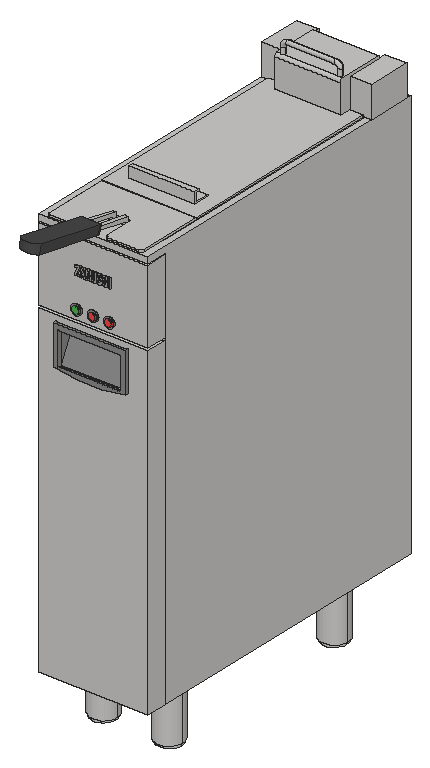
Revit family "QF_ZANUSSI_285005_ZXFREB1BWQ", category Specialty Equipment, Revit 2018
Family settings
  Round Connector Dimension = Use Diameter
  Part Type = Normal
  Work Plane-Based = No
  Always vertical = Yes
  Cut with Voids When Loaded = No
  Shared = No
  Room Calculation Point = No
Parameters
  Weight = 0.00 kg
  Watts = 0 W
  Volts = 415 V
  URL Manufacturer = "http://www.zanussiprofessional.com/"
  URL = "http://www.zanussiprofessional.com/"
  Steam Supply Size = 0"
  Steam Supply Minimum Pressure = 0.00 psi
  Steam Supply Maximum Pressure = 0.00 psi
  Steam Pounds per Hour = 0
  Show Logo [instance] = yes
  Show Clearance [instance] = yes
  Refrigeration Suction Line Size = 0"
  Refrigeration Liquid Line Size = 0"
  Refrigerant Compressor Remote = yes
  Phase = 0
  Model = "ZXFREB1BWQ"
  Manufacturer = "Zanussi"
  Length Actual = 200 mm  # constant formula
  Item Number = "285005"
  Hot Water Size = 0"
  Height Actual = 930 mm  # constant formula
  HP = "9.9 HP"
  Gas Size = 0"
  Gas KW = 0
  Gas Input Pressure = 0.0 Btu/h
  Direct Waste Size = 0"
  Description = "9L EL.FRYER-1WELL+1BASK.+OILPUMP-415V"
  Depth Actual = 600 mm  # constant formula
  Cycle = 0 Hz
  Condensate Return Size = 0"
  Compressed Air Volume = 0 GPM
  Compressed Air Size = 0"
  Compressed Air Pressure = 0.00 psi
  Cold Water Size = 0"
  Accessory = yes
Reference planes
  plane 1 "BACK": y = 0
  plane 2: z = 0
  plane 3 "LEFT": x = 0
  plane 4 "RIGHT": x = 200
  plane 5 "FRONT": y = -600
  plane 6 "TOP": z = 907
  plane 7 "Center Y": x = 100
  plane 8 "Center X": y = -300
  plane 9 "TOP A": z = 850
  plane 10: z = 100
  plane 11: y = -124
  plane 12: y = -501
  plane 13: y = -943
  plane 14: x = 160
  plane 15: x = 40
  plane 16: z = 915.999
  plane 17: z = 935
  plane 18: x = 155
  plane 19: y = -781
  plane 20: y = -755
  plane 21: y = 95
  plane 22: z = 700
  plane 23: x = 40
  plane 24: z = 935
Forms (mm)
  Extrusion 1, solid, material "QF_Finishes_Stainless Steel"
    sketch origin (0, 0, 0) x (0, 1, 0) y (0, 0, 1)
      loop
        line (0, 850) -> (-600, 850) -> (-600, 838.077) -> (-560.15, 838.077) -> (-560.15, 100) -> (0, 100) -> (0, 850)
      loop
        line (-600, 695) -> (-600, 100) -> (-561.737, 100) -> (-561.737, 695) -> (-600, 695)
      loop
        line (-561.737, 700) -> (-561.737, 835) -> (-600, 835) -> (-600, 700) -> (-561.737, 700)
    from 0 to 200
  Extrusion 2, void
    sketch origin (0, 0, 850) x (-1, 0, 0) y (0, -1, 0)
      loop
        line (-10.5, 88.124) -> (-10.5, 550.573) -> (-189.691, 550.573) -> (-189.691, 88.124) -> (-10.5, 88.124)
    from 0 to -150
  Extrusion 3, solid, material "QF_Clearances", visible <- "Show Clearance", detail levels coarse
    sketch origin (0, 0, 0) x (1, 0, 0) y (0, 1, 0)
      loop
        line (0, 0) -> (200, 0) -> (200, 95) -> (0, 95) -> (0, 0)
    from 0 to 907
  Extrusion 4, solid, material "QF_Door-Drawer Clearances", visible <- "Show Clearance", detail levels coarse
    sketch origin (0, 0, 850) x (-1, 0, 0) y (0, -1, 0)
      loop
        line (-190.5, 600) -> (-9.5, 600)
        arc (-9.5, 600) -> (-62.514, 727.986) -> (-190.5, 781) r 181
        line (-190.5, 781) -> (-190.5, 600)
    from -750 to -155
  Extrusion 5, solid, material "QF_Finishes_Stainless Steel"
    sketch origin (100, -139.304, 888.806) x (0, 1, 0) y (-1, 0, 0)
      loop
        line (49.304, 100) -> (49.304, 60) -> (129.304, 60) -> (129.304, 100) -> (49.304, 100)
      loop
        line (49.304, -100) -> (129.304, -100) -> (129.304, -60) -> (49.304, -60) -> (49.304, -100)
    from -38.806 to 18.194
  Revolve 6, solid, material "QF_Finishes_Stainless Steel"
    sketch origin (0, -501, 608.09) x (0, 0, 1) y (1, 0, 0)
      loop
        line (-608.09, 40) -> (-608.09, 17.609) -> (-603.09, 17.609) -> (-603.09, 15) -> (-508.09, 15) -> (-508.09, 40) -> (-608.09, 40)
      axis (-608.09, 40) -> (-508.09, 40)
    angle from 0 to 360
  Extrusion 7, solid, material "QF_Finishes_Stainless Steel"
    sketch origin (0, 600, 100) x (-1, 0, 0) y (0, 1, 0)
      loop
        circle (-155, -650) r 6.35
    from 0 to 8
  Revolve 8, solid, material "QF_Finishes_Stainless Steel"
    sketch origin (200, -501, 608.09) x (0, 0, 1) y (1, 0, 0)
      loop
        line (-608.09, -40) -> (-508.09, -40) -> (-508.09, -15) -> (-603.09, -15) -> (-603.09, -17.609) -> (-608.09, -17.609) -> (-608.09, -40)
      axis (-608.09, -40) -> (-508.09, -40)
    angle from 0 to 360
  Revolve 9, solid, material "QF_Finishes_Stainless Steel"
    sketch origin (0, -124, 608.09) x (0, 0, 1) y (-1, 0, 0)
      loop
        line (-608.09, -40) -> (-508.09, -40) -> (-508.09, -15) -> (-603.09, -15) -> (-603.09, -17.609) -> (-608.09, -17.609) -> (-608.09, -40)
      axis (-608.09, -40) -> (-508.09, -40)
    angle from 0 to 360
  Revolve 10, solid, material "QF_Finishes_Stainless Steel"
    sketch origin (200, -124, 608.09) x (0, 0, 1) y (-1, 0, 0)
      loop
        line (-608.09, 40) -> (-608.09, 17.609) -> (-603.09, 17.609) -> (-603.09, 15) -> (-508.09, 15) -> (-508.09, 40) -> (-608.09, 40)
      axis (-608.09, 40) -> (-508.09, 40)
    angle from 0 to 360
  Extrusion 11, void
    sketch origin (0, 0, 0) x (0, 1, 0) y (0, 0, 1)
      loop
        line (-600, 615) -> (-570, 675) -> (-600, 675) -> (-600, 615)
    from 40 to 155
  Extrusion 12, solid, material "QF_Finishes_grey"
    sketch origin (0, -600, 695) x (0, 0, -1) y (1, 0, 0)
      loop
        line (20, 40) -> (80, 40) -> (80, 155) -> (20, 155) -> (20, 40)
      loop
        line (10, 32) -> (82.581, 32)
        arc (82.581, 32) -> (90.011, 97.5) -> (82.581, 163) r 292.45
        line (82.581, 163) -> (10, 163) -> (10, 32)
    from 0 to 5
  Extrusion 13, solid, material "QF_Finishes_Red"
    sketch origin (39.327, -600, 649.266) x (0, 0, 1) y (-1, 0, 0)
      loop
        circle (68.272, -60.648) r 6.35
    from 0 to 3.175
  Extrusion 14, solid, material "QF_Finishes_grey"
    sketch origin (0, -600, 700) x (0, 0, 1) y (-1, 0, 0)
      loop
        circle (17.537, -99.975) r 6.35
      loop
        circle (17.537, -99.975) r 9.35
    from 0 to 1.394
  Extrusion 15, solid, material "QF_Finishes_Red"
    sketch origin (69.327, -600, 649.266) x (0, 0, 1) y (-1, 0, 0)
      loop
        circle (68.272, -60.648) r 6.35
    from 0 to 3.175
  Extrusion 16, solid, material "QF_Finishes_grey"
    sketch origin (30, -600, 700) x (0, 0, 1) y (-1, 0, 0)
      loop
        circle (17.537, -99.975) r 6.35
      loop
        circle (17.537, -99.975) r 9.35
    from 0 to 1.394
  Extrusion 17, solid, material "QF_Finishes_Green"
    sketch origin (9.327, -600, 649.266) x (0, 0, 1) y (-1, 0, 0)
      loop
        circle (68.272, -60.648) r 6.35
    from 0 to 3.175
  Extrusion 18, solid, material "QF_Finishes_grey"
    sketch origin (-30, -600, 700) x (0, 0, 1) y (-1, 0, 0)
      loop
        circle (17.537, -99.975) r 6.35
      loop
        circle (17.537, -99.975) r 9.35
    from 0 to 1.394
  Sweep 19, solid, material "QF_Finishes_Stainless Steel"
    path origin (-1.25, 52.5, 0) x (1, 0, 0) y (0, 0, 1)
      loop
        line (51.187, 910.561) -> (51.187, 921.65)
        arc (51.187, 921.65) -> (53.047, 926.14) -> (57.537, 928) r 6.35
        line (57.537, 928) -> (145.725, 928)
        arc (145.725, 928) -> (149.508, 926.433) -> (151.075, 922.65) r 5.35
        line (151.075, 922.65) -> (151.075, 910.561)
    profile origin (49.937, 52.5, 916.105) x (-1, 0, 0) y (0, -1, 0)
      loop
        circle (2.09, 153.254) r 3.827
  Extrusion 20, solid, material "QF_Finishes_Stainless Steel"
    sketch origin (0, 65, 0) x (0, 1, 0) y (0, 0, 1)
      loop
        line (-88.124, 910.561) -> (-170, 910.561)
        arc (-170, 910.561) -> (-173.536, 909.096) -> (-175, 905.561) r 5
        line (-175, 905.561) -> (-175, 850) -> (-88.124, 850) -> (-88.124, 910.561)
    from 40 to 160
  Extrusion 21, solid, material "QF_Finishes_Mesh"
    sketch origin (178.262, -64.779, 844.25) x (-1, 0, 0) y (0, -1, 0)
      loop
        arc (123.4, 118.481) -> (141.36, 125.92) -> (148.8, 143.881) r 25.4
        line (148.8, 143.881) -> (148.8, 376.11)
        arc (148.8, 376.11) -> (141.36, 394.071) -> (123.4, 401.51) r 25.4
        line (123.4, 401.51) -> (33.125, 401.51)
        arc (33.125, 401.51) -> (15.164, 394.071) -> (7.725, 376.11) r 25.4
        line (7.725, 376.11) -> (7.725, 143.881)
        arc (7.725, 143.881) -> (15.164, 125.92) -> (33.125, 118.481) r 25.4
        line (33.125, 118.481) -> (123.4, 118.481)
      loop
        arc (123.4, 121.656) -> (139.115, 128.165) -> (145.625, 143.881) r 22.225
        line (145.625, 143.881) -> (145.625, 376.11)
        arc (145.625, 376.11) -> (139.115, 391.826) -> (123.4, 398.335) r 22.225
        line (123.4, 398.335) -> (33.125, 398.335)
        arc (33.125, 398.335) -> (17.409, 391.826) -> (10.9, 376.11) r 22.225
        line (10.9, 376.11) -> (10.9, 143.881)
        arc (10.9, 143.881) -> (17.409, 128.165) -> (33.125, 121.656) r 22.225
        line (33.125, 121.656) -> (123.4, 121.656)
    from -109 to -5.315
  Extrusion 22, solid, material "QF_Finishes_Black"
    sketch origin (234.175, -818.725, 918.681) x (0, 0.980628, -0.195878) y (-1, 0, 0)
      loop
        arc (79.035, 152.655) -> (68.808, 134.038) -> (79.035, 115.42) r 22.059
        line (79.035, 115.42) -> (214.834, 115.42)
        arc (214.834, 115.42) -> (217.308, 116.446) -> (218.334, 118.92) r 3.5
        line (218.334, 118.92) -> (218.334, 149.146)
        arc (218.334, 149.146) -> (217.306, 151.628) -> (214.824, 152.655) r 3.509
        line (214.824, 152.655) -> (79.035, 152.655)
    from -15.884 to 0
  Extrusion 23, solid, material "QF_Finishes_Stainless Steel"
    sketch origin (0, 0, 850) x (0, -1, 0) y (1, 0, 0)
      loop
        arc (90, 18.5) -> (91.464, 14.964) -> (95, 13.5) r 5
        line (95, 13.5) -> (472, 13.5) -> (472, 186.691) -> (95, 186.691)
        arc (95, 186.691) -> (91.464, 185.227) -> (90, 181.691) r 5
        line (90, 181.691) -> (90, 165)
        arc (90, 165) -> (91.464, 161.464) -> (95, 160) r 5
        line (95, 160) -> (110, 160) -> (110, 40) -> (95, 40)
        arc (95, 40) -> (91.464, 38.536) -> (90, 35) r 5
        line (90, 35) -> (90, 18.5)
      loop
        line (473, 186.691) -> (473, 13.5) -> (592, 13.5)
        arc (592, 13.5) -> (595.536, 14.964) -> (597, 18.5) r 5
        line (597, 18.5) -> (597, 75.55)
        arc (597, 75.55) -> (595.536, 79.086) -> (592, 80.55) r 5
        line (592, 80.55) -> (543.238, 80.55)
        arc (543.238, 80.55) -> (539.703, 82.014) -> (538.238, 85.55) r 5
        line (538.238, 85.55) -> (538.238, 114.641)
        arc (538.238, 114.641) -> (539.703, 118.177) -> (543.238, 119.641) r 5
        line (543.238, 119.641) -> (592, 119.641)
        arc (592, 119.641) -> (595.536, 121.106) -> (597, 124.641) r 5
        line (597, 124.641) -> (597, 181.691)
        arc (597, 181.691) -> (595.536, 185.227) -> (592, 186.691) r 5
        line (592, 186.691) -> (473, 186.691)
    from 0 to 3
  Extrusion 24, solid, material "QF_Finishes_Stainless Steel"
    sketch origin (166.074, -30.154, 119.93) x (0, 0.984808, 0.173648) y (0, -0.173648, 0.984808)
      loop
        line (-380.327, 769.003) -> (-372.194, 815.127) -> (-436.107, 840.041) -> (-438.413, 834.124) -> (-379.351, 811.102) -> (-387.692, 763.803) -> (-308.907, 749.911) -> (-307.796, 756.214) -> (-380.327, 769.003)
    from -80.476 to -74.619
  Extrusion 25, solid, material "QF_Finishes_Stainless Steel"
    sketch origin (34.2, -30.154, 119.93) x (0, 0.984808, 0.173648) y (0, 0.173648, -0.984808)
      loop
        line (-372.194, -815.127) -> (-380.327, -769.003) -> (-307.796, -756.214) -> (-308.907, -749.911) -> (-387.692, -763.803) -> (-379.351, -811.102) -> (-438.413, -834.124) -> (-436.107, -840.041) -> (-372.194, -815.127)
    from -80.476 to -74.619
  Extrusion 26, solid, material "QF_Finishes_Stainless Steel"
    sketch origin (13.5, -88.124, 850) x (0, -1, 0) y (0, 0, 1)
      loop
        line (354.876, 3) -> (354.876, 23) -> (346.126, 23) -> (346.126, 20) -> (351.876, 20) -> (351.876, 5) -> (324.876, 5) -> (324.876, 3) -> (354.876, 3)
    from -26.5 to -146.5
Cuts and joins
  Extrusion 2, Extrusion 11 cuts Extrusion 1
  Extrusion 11 cuts Extrusion 4
Lines and regions (mm)
  symbolic lines, style "QF_Clearances", visible <- "Show Clearance", detail levels coarse
    curve 1: line (200, 95, 850) -> (0, 95, 850)
  symbolic lines
    curve 2: line (0, -600, 850) -> (0, 0, 850)
    curve 3: line (190.5, -90, 850) -> (190.5, -600, 850)
    curve 4: line (11.548, -90, 850) -> (11.548, -597, 850)
    curve 5: line (11.548, -597, 850) -> (75.55, -597, 850)
    curve 6: line (124.641, -597, 850) -> (188.452, -597, 850)
    curve 7: line (188.452, -597, 850) -> (188.452, -90, 850)
    curve 8: line (200, -90, 850) -> (160, -90, 850)
    curve 9: line (200, -600, 850) -> (0, -600, 850)
    curve 11: line (40, -23.124, 850) -> (40, -110, 850)
    curve 12: line (40, -110, 850) -> (160, -110, 850)
    curve 13: line (160, -110, 850) -> (160, -23.124, 850)
    curve 14: line (40, -23.124, 850) -> (160, -23.124, 850)
    curve 15: line (40, -88.124, 850) -> (160, -88.124, 850)
    curve 16: line (40, -90, 850) -> (0, -90, 850)
    curve 18: line (47.824, -96.927, 850) -> (151.941, -96.927, 850)
    curve 19: line (151.941, -104.585, 850) -> (47.824, -104.585, 850)
    curve 20: arc (151.941, -96.927, 850) -> (155.77, -100.756, 850) -> (151.941, -104.585, 850) r 3.829
    curve 21: arc (47.824, -96.927, 850) -> (43.995, -100.756, 850) -> (47.824, -104.585, 850) r 3.829
    curve 22: line (40, -23.124, 0) -> (40, -10, 0)
    curve 23: line (40, -10, 0) -> (0, -10, 0)
    curve 24: line (0, -10, 0) -> (0, -90, 0)
    curve 25: line (160, -23.124, 0) -> (160, -10, 0)
    curve 26: line (160, -10, 0) -> (200, -10, 0)
    curve 27: line (200, 0, 0) -> (200, -600, 0)
    curve 28: arc (119.641, -592, 0) -> (121.106, -595.536, 0) -> (124.641, -597, 0) r 5
    curve 29: line (119.641, -543.238, 0) -> (119.641, -592, 0)
    curve 30: arc (114.641, -538.238, 0) -> (118.177, -539.703, 0) -> (119.641, -543.238, 0) r 5
    curve 31: line (85.55, -538.238, 0) -> (114.641, -538.238, 0)
    curve 32: arc (80.55, -543.238, 0) -> (82.014, -539.703, 0) -> (85.55, -538.238, 0) r 5
    curve 33: line (80.55, -592, 0) -> (80.55, -543.238, 0)
    curve 34: arc (75.55, -597, 0) -> (79.086, -595.536, 0) -> (80.55, -592, 0) r 5
    curve 35: line (81.52, -608.062, 0) -> (81.52, -744.332, 0)
    curve 36: spline (85.029, -604.621, 0) -> (84.571, -604.65, 0) -> (84.121, -604.738, 0) -> (83.686, -604.883, 0) -> (83.274, -605.082, 0) -> (82.893, -605.332, 0) -> (82.547, -605.628, 0) -> (82.245, -605.967, 0) -> (81.99, -606.341, 0) -> (81.787, -606.745, 0) -> (81.639, -607.171, 0) -> (81.55, -607.613, 0) -> (81.52, -608.062, 0)
    curve 37: line (115.255, -604.621, 0) -> (85.029, -604.621, 0)
    curve 38: spline (118.755, -608.053, 0) -> (118.725, -607.605, 0) -> (118.635, -607.164, 0) -> (118.488, -606.739, 0) -> (118.286, -606.337, 0) -> (118.031, -605.963, 0) -> (117.729, -605.626, 0) -> (117.385, -605.33, 0) -> (117.005, -605.08, 0) -> (116.594, -604.882, 0) -> (116.16, -604.738, 0) -> (115.711, -604.65, 0) -> (115.255, -604.621, 0)
    curve 39: line (118.755, -744.332, 0) -> (118.755, -608.053, 0)
    curve 40: spline (118.755, -744.332, 0) -> (116.522, -747.213, 0) -> (113.832, -749.688, 0) -> (110.758, -751.689, 0) -> (107.387, -753.16, 0) -> (103.814, -754.059, 0) -> (100.137, -754.361, 0) -> (96.461, -754.059, 0) -> (92.887, -753.16, 0) -> (89.516, -751.689, 0) -> (86.443, -749.688, 0) -> (83.752, -747.213, 0) -> (81.52, -744.332, 0)
    curve 41: line (13.5, -592, 0) -> (13.5, -473, 0)
    curve 42: line (13.5, -473, 0) -> (186.691, -473, 0)
    curve 43: line (186.691, -473, 0) -> (186.691, -592, 0)
    curve 44: arc (181.691, -597, 0) -> (185.227, -595.536, 0) -> (186.691, -592, 0) r 5
    curve 45: arc (13.5, -592, 0) -> (14.964, -595.536, 0) -> (18.5, -597, 0) r 5
    curve 46: line (13.5, -472, 0) -> (186.691, -472, 0)
    curve 47: line (186.691, -472, 0) -> (186.691, -95, 0)
    curve 48: line (13.5, -95, 0) -> (13.5, -472, 0)
    curve 49: arc (40, -95, 0) -> (38.536, -91.464, 0) -> (35, -90, 0) r 5
    curve 50: arc (18.5, -90, 0) -> (14.964, -91.464, 0) -> (13.5, -95, 0) r 5
    curve 51: arc (165, -90, 0) -> (161.464, -91.464, 0) -> (160, -95, 0) r 5
    curve 52: arc (186.691, -95, 0) -> (185.227, -91.464, 0) -> (181.691, -90, 0) r 5
    curve 53: line (63.625, -600, 0) -> (63.625, -603.175, 0)
    curve 54: line (63.625, -603.175, 0) -> (76.325, -603.175, 0)
    curve 55: line (76.325, -603.175, 0) -> (76.325, -600, 0)
    curve 56: line (106.325, -603.175, 0) -> (106.325, -600, 0)
    curve 57: line (106.325, -603.175, 0) -> (93.625, -603.175, 0)
    curve 58: line (91.456, -538.238, 0) -> (91.456, -604.621, 0)
    curve 59: line (108.819, -538.238, 0) -> (108.819, -604.621, 0)
    curve 60: line (114.676, -538.238, 0) -> (114.676, -604.621, 0)
    curve 61: line (85.599, -538.238, 0) -> (85.599, -604.621, 0)
    curve 62: line (93.625, -603.175, 0) -> (93.625, -600, 0)
    curve 63: line (136.325, -603.175, 0) -> (123.625, -603.175, 0)
    curve 64: line (123.625, -603.175, 0) -> (123.625, -600, 0)
    curve 65: line (136.325, -603.175, 0) -> (136.325, -600, 0)
    curve 66: line (45, -413, 0) -> (155, -413, 0)
    curve 67: line (40, -443, 0) -> (40, -418, 0)
    curve 68: line (160, -443, 0) -> (40, -443, 0)
    curve 69: line (160, -418, 0) -> (160, -443, 0)
    curve 70: line (45, -434.25, 0) -> (155, -434.25, 0)
    curve 71: arc (40, -418, 0) -> (41.464, -414.464, 0) -> (45, -413, 0) r 5
    curve 72: arc (155, -413, 0) -> (158.536, -414.464, 0) -> (160, -418, 0) r 5
    curve 73: arc (40, -439.25, 0) -> (41.464, -435.714, 0) -> (45, -434.25, 0) r 5
    curve 74: arc (160, -439.25, 0) -> (158.536, -435.714, 0) -> (155, -434.25, 0) r 5
  symbolic lines, style "QF_Door-Drawer Clearances"
    curve 10: line (190.5, -781, 850) -> (190.5, -600, 850)
    curve 17: arc (9.5, -600, 0) -> (62.514, -727.986, 0) -> (190.5, -781, 0) r 181
Dimensions and locks
  equal spacing: plane 3 "LEFT", plane 7 "Center Y", plane 4 "RIGHT"
  plane 3 "LEFT" to plane 4 "RIGHT" = 200 mm
  equal spacing: plane 5 "FRONT", plane 8 "Center X", plane 1 "BACK"
  plane 5 "FRONT" to plane 1 "BACK" = 600 mm  (x2)
  plane 1 "BACK" to plane 5 "FRONT" = 600 mm
  plane 10 to level = 100 mm  (x2)
  plane 1 "BACK" to plane 11 = 124 mm
  plane 11 to plane 12 = 377 mm
  locked: plane 12 to cut or joined group of Extrusion 1, Extrusion 2, Extrusion 11 at 99
  locked: plane 13 to plane 5 "FRONT" at 343
  plane 4 "RIGHT" to plane 14 = 40 mm
  plane 15 to plane 3 "LEFT" = 40 mm
  plane 16 to plane 9 "TOP A" = 65.999 mm
  plane 9 "TOP A" to plane 17 = 85 mm
  plane 4 "RIGHT" to plane 3 "LEFT" = 200 mm
  plane 9 "TOP A" to plane 10 = 750 mm
  plane 6 "TOP" to level = 907 mm
  Extrusion 7 sketch curve to plane 1 "BACK" = 50 mm
  Extrusion 7 sketch curve to plane 4 "RIGHT" = 45 mm
  plane 10 to Extrusion 7 = 8 mm  (x2)
  plane 18 to plane 4 "RIGHT" = 45 mm
  plane 1 "BACK" to Extrusion 7 = 50 mm
  plane 5 "FRONT" to plane 19 = 181 mm
  plane 5 "FRONT" to plane 20 = 155 mm
  curve 1 to plane 1 "BACK" = 95 mm
  plane 9 "TOP A" to Extrusion 3 = 850 mm
  Revolve 6 sketch curve to Revolve 6 sketch curve = 25 mm
  Revolve 8 sketch curve to Revolve 8 sketch curve = 25 mm
  Revolve 9 sketch curve to Revolve 9 sketch curve = 25 mm
  Revolve 10 sketch curve to Revolve 10 sketch curve = 25 mm
  plane 1 "BACK" to plane 20 = 755 mm
  aligned and locked: level to plane 2
  aligned and locked: plane 4 "RIGHT" to Extrusion 1
  aligned and locked: plane 6 "TOP" to Extrusion 3
  aligned and locked: plane 6 "TOP" to Extrusion 5
  aligned and locked: plane 12 to Revolve 6
  aligned and locked: Extrusion 3 sketch curve to plane 21
  aligned and locked: Extrusion 3 to plane 3 "LEFT"
  aligned and locked: plane 4 "RIGHT" to Extrusion 3
  aligned and locked: Extrusion 2 to Extrusion 1
  aligned and locked: cut or joined group of Extrusion 1, Extrusion 2, Extrusion 11 to Extrusion 4
  aligned and locked: plane 15 to Revolve 6 sketch curve
  aligned and locked: Extrusion 11 sketch curve to plane 5 "FRONT"
  aligned and locked: Extrusion 5 sketch curve to Extrusion 5 sketch curve  (x2)
Automatic sketch dimensions
  Revolve 6 sketch curve to level = 0 mm
  Revolve 6 sketch curve to plane 10 = 0 mm  (x2)
  plane 15 to Revolve 6 sketch curve = 0 mm
  level to Revolve 6 sketch curve = 5 mm
  Revolve 6 sketch curve to Revolve 6 sketch curve = 2.609 mm
  plane 10 to Revolve 6 sketch curve = 20 mm
  Revolve 8 sketch curve to level = 0 mm
  Revolve 8 sketch curve to plane 10 = 0 mm  (x2)
  plane 14 to Revolve 8 sketch curve = 0 mm  (x2)
  level to Revolve 8 sketch curve = 5 mm
  Revolve 8 sketch curve to Revolve 8 sketch curve = 2.609 mm
  plane 10 to Revolve 8 sketch curve = 20 mm
  Revolve 9 sketch curve to level = 0 mm
  Revolve 9 sketch curve to plane 10 = 0 mm  (x2)
  Revolve 9 sketch curve to plane 15 = 0 mm  (x2)
  level to Revolve 9 sketch curve = 5 mm
  Revolve 9 sketch curve to Revolve 9 sketch curve = 2.609 mm
  plane 10 to Revolve 9 sketch curve = 20 mm
  Revolve 10 sketch curve to level = 0 mm
  Revolve 10 sketch curve to plane 10 = 0 mm  (x2)
  Revolve 10 sketch curve to plane 14 = 0 mm  (x2)
  level to Revolve 10 sketch curve = 5 mm
  Revolve 10 sketch curve to Revolve 10 sketch curve = 2.609 mm
  plane 10 to Revolve 10 sketch curve = 20 mm
  plane 9 "TOP A" to Sweep 19 sketch curve = 60.561 mm  (x2)
  plane 16 to Sweep 19 sketch curve = 5.651 mm
  plane 15 to Sweep 19 sketch curve = 9.937 mm
  plane 17 to Sweep 19 sketch curve = 7 mm
  plane 18 to Sweep 19 sketch curve = 10.525 mm
  plane 18 to Sweep 19 sketch curve = 5.175 mm
  Sweep 19 sketch curve to profile plane = 2.09 mm
  profile plane to Sweep 19 sketch curve = 153.254 mm
  Extrusion 22 sketch curve to plane 7 "Center Y" = 18.48 mm
  Extrusion 22 sketch curve to Extrusion 22 sketch curve = 0 mm
  plane 7 "Center Y" to Extrusion 22 sketch curve = 0.137 mm
  Extrusion 22 sketch curve to Extrusion 22 sketch curve = 11.832 mm
  Extrusion 22 sketch curve to plane 7 "Center Y" = 14.971 mm
  Extrusion 22 sketch curve to Extrusion 22 sketch curve = 123.958 mm
  Extrusion 22 sketch curve to Extrusion 22 sketch curve = 3.5 mm
  Extrusion 1 sketch curve to plane 5 "FRONT" = 0 mm  (x3)
  Extrusion 1 sketch curve to plane 22 = 0 mm
  Extrusion 1 sketch curve to plane 10 = 0 mm  (x2)
  Extrusion 1 sketch curve to plane 1 "BACK" = 0 mm
  Extrusion 1 sketch curve to plane 9 "TOP A" = 0 mm
  Extrusion 1 sketch curve to plane 9 "TOP A" = 15 mm
  Extrusion 1 sketch curve to plane 5 "FRONT" = 38.263 mm
  Extrusion 1 sketch curve to Extrusion 1 sketch curve = 0 mm
  Extrusion 1 sketch curve to Extrusion 1 sketch curve = 1.588 mm
  Extrusion 1 sketch curve to plane 22 = 5 mm
  Extrusion 1 sketch curve to Extrusion 1 sketch curve = 3.077 mm
  Extrusion 2 sketch curve to plane 4 "RIGHT" = 10.309 mm
  plane 3 "LEFT" to Extrusion 2 sketch curve = 10.5 mm
  Extrusion 2 sketch curve to plane 11 = 35.876 mm
  Extrusion 2 sketch curve to plane 5 "FRONT" = 49.427 mm
  Extrusion 3 sketch curve to plane 3 "LEFT" = 0 mm
  Extrusion 3 sketch curve to plane 4 "RIGHT" = 0 mm
  plane 1 "BACK" to Extrusion 3 sketch curve = 0 mm
  Extrusion 4 sketch curve to plane 19 = 0 mm
  plane 5 "FRONT" to Extrusion 4 sketch curve = 0 mm
  Extrusion 4 sketch curve to plane 4 "RIGHT" = 9.5 mm
  Extrusion 5 sketch curve to plane 3 "LEFT" = 0 mm
  Extrusion 5 sketch curve to plane 14 = 0 mm
  Extrusion 5 sketch curve to plane 15 = 0 mm
  Extrusion 5 sketch curve to plane 4 "RIGHT" = 0 mm
  Extrusion 5 sketch curve to plane 11 = 34 mm
  plane 1 "BACK" to Extrusion 5 sketch curve = 10 mm
  Extrusion 1 to Extrusion 11 sketch curve = 8.263 mm
  Extrusion 1 to Extrusion 11 sketch curve = 80 mm
  Extrusion 1 to Extrusion 11 sketch curve = 20 mm
  Extrusion 1 to Extrusion 12 sketch curve = 97.5 mm
  Extrusion 12 sketch curve to Extrusion 1 = 202.439 mm
  Extrusion 1 to Extrusion 12 sketch curve = 10 mm
  Extrusion 12 sketch curve to Extrusion 12 sketch curve = 10 mm
  Extrusion 12 sketch curve to Extrusion 12 sketch curve = 60 mm
  Extrusion 12 sketch curve to Extrusion 12 sketch curve = 2.581 mm  (x2)
  Extrusion 1 to Extrusion 12 sketch curve = 40 mm
  Extrusion 12 sketch curve to Extrusion 12 sketch curve = 8 mm  (x2)
  Extrusion 13 sketch curve to plane 7 "Center Y" = 0.025 mm
  plane 22 to Extrusion 13 sketch curve = 17.537 mm
  Extrusion 14 sketch curve to Extrusion 14 sketch curve = 0 mm  (x12)
  Extrusion 1 to Extrusion 14 sketch curve = 17.537 mm
  Extrusion 1 to Extrusion 14 sketch curve = 99.975 mm
  Extrusion 14 sketch curve to Extrusion 14 sketch curve = 6.35 mm
  Extrusion 14 sketch curve to Extrusion 14 sketch curve = 3 mm
  plane 22 to Extrusion 15 sketch curve = 17.537 mm
  plane 18 to Extrusion 15 sketch curve = 25.025 mm
  Extrusion 16 sketch curve to Extrusion 16 sketch curve = 0 mm  (x12)
  Extrusion 1 to Extrusion 16 sketch curve = 17.537 mm
  Extrusion 1 to Extrusion 16 sketch curve = 70.025 mm
  Extrusion 16 sketch curve to Extrusion 16 sketch curve = 6.35 mm
  Extrusion 16 sketch curve to Extrusion 16 sketch curve = 3 mm
  plane 22 to Extrusion 17 sketch curve = 17.537 mm
  plane 15 to Extrusion 17 sketch curve = 29.975 mm
  Extrusion 18 sketch curve to Extrusion 18 sketch curve = 0 mm  (x12)
  Extrusion 1 to Extrusion 18 sketch curve = 17.537 mm
  Extrusion 1 to Extrusion 18 sketch curve = 69.975 mm
  Extrusion 18 sketch curve to Extrusion 18 sketch curve = 6.35 mm
  Extrusion 18 sketch curve to Extrusion 18 sketch curve = 3 mm
  Extrusion 20 sketch curve to plane 9 "TOP A" = 0 mm
  Extrusion 20 sketch curve to plane 6 "TOP" = 1.439 mm
  Extrusion 20 sketch curve to plane 11 = 14 mm
  Extrusion 20 sketch curve to Extrusion 20 sketch curve = 5 mm
  plane 1 "BACK" to Extrusion 20 sketch curve = 23.124 mm
  Extrusion 21 sketch curve to Extrusion 21 sketch curve = 0 mm  (x8)
  plane 14 to Extrusion 21 sketch curve = 10.538 mm
  Extrusion 21 sketch curve to Extrusion 21 sketch curve = 3.175 mm
  plane 18 to Extrusion 21 sketch curve = 9.862 mm  (x2)
  plane 15 to Extrusion 21 sketch curve = 14.862 mm  (x2)
  Extrusion 21 sketch curve to plane 15 = 7.363 mm
  plane 11 to Extrusion 21 sketch curve = 59.26 mm
  Extrusion 21 sketch curve to plane 12 = 60.11 mm
  Extrusion 1 to Extrusion 23 sketch curve = 18.5 mm
  Extrusion 1 to Extrusion 23 sketch curve = 90 mm  (x2)
  Extrusion 1 to Extrusion 23 sketch curve = 18.309 mm  (x2)
  Extrusion 23 sketch curve to Extrusion 23 sketch curve = 5 mm  (x6)
  Extrusion 23 sketch curve to Extrusion 23 sketch curve = 15 mm
  Extrusion 23 sketch curve to Extrusion 1 = 128 mm
  Extrusion 23 sketch curve to Extrusion 23 sketch curve = 1 mm
  Extrusion 23 sketch curve to Extrusion 1 = 61.762 mm
  Extrusion 23 sketch curve to Extrusion 1 = 8 mm  (x4)
  Extrusion 23 sketch curve to Extrusion 1 = 3 mm  (x2)
  Extrusion 1 to Extrusion 23 sketch curve = 13.5 mm
  Extrusion 23 sketch curve to Extrusion 23 sketch curve = 16.5 mm
  Extrusion 23 sketch curve to Extrusion 23 sketch curve = 57.05 mm
  Extrusion 23 sketch curve to Extrusion 23 sketch curve = 29.091 mm
  Extrusion 23 sketch curve to Extrusion 23 sketch curve = 21.691 mm
  plane 9 "TOP A" to Extrusion 24 sketch curve = 15.252 mm
  plane 5 "FRONT" to Extrusion 24 sketch curve = 6.75 mm
  Extrusion 24 sketch curve to Extrusion 24 sketch curve = 2.306 mm
  Extrusion 24 sketch curve to Extrusion 24 sketch curve = 50.721 mm
  Extrusion 24 sketch curve to Extrusion 24 sketch curve = 7.365 mm
  Extrusion 24 sketch curve to Extrusion 24 sketch curve = 0.975 mm
  Extrusion 24 sketch curve to Extrusion 24 sketch curve = 7.158 mm
  Extrusion 24 sketch curve to Extrusion 24 sketch curve = 71.42 mm
  Extrusion 24 sketch curve to Extrusion 24 sketch curve = 1.111 mm
  Extrusion 24 sketch curve to Extrusion 24 sketch curve = 18.997 mm
  plane 9 "TOP A" to Extrusion 25 sketch curve = 15.252 mm
  plane 5 "FRONT" to Extrusion 25 sketch curve = 6.75 mm
  Extrusion 25 sketch curve to Extrusion 25 sketch curve = 2.306 mm
  Extrusion 25 sketch curve to Extrusion 25 sketch curve = 50.721 mm
  Extrusion 25 sketch curve to Extrusion 25 sketch curve = 7.365 mm
  Extrusion 25 sketch curve to Extrusion 25 sketch curve = 0.975 mm
  Extrusion 25 sketch curve to Extrusion 25 sketch curve = 7.158 mm
  Extrusion 25 sketch curve to Extrusion 25 sketch curve = 71.42 mm
  Extrusion 25 sketch curve to Extrusion 25 sketch curve = 1.111 mm
  Extrusion 25 sketch curve to Extrusion 25 sketch curve = 5.916 mm
  Extrusion 23 to Extrusion 26 sketch curve = 0 mm
  Extrusion 26 sketch curve to Extrusion 23 = 59 mm
  Extrusion 26 sketch curve to Extrusion 26 sketch curve = 21.25 mm
  Extrusion 26 sketch curve to Extrusion 23 = 2 mm
  Extrusion 26 sketch curve to Extrusion 26 sketch curve = 5.75 mm
  Extrusion 26 sketch curve to Extrusion 26 sketch curve = 3 mm  (x2)
  Extrusion 26 sketch curve to Extrusion 26 sketch curve = 15 mm
  curve 24 to plane 3 "LEFT" = 0 mm
  plane 5 "FRONT" to curve 17 = 0 mm
  curve 22 to plane 15 = 0 mm
  curve 49 to plane 15 = 0 mm
  curve 73 to plane 15 = 0 mm
  plane 5 "FRONT" to curve 53 = 0 mm
  plane 5 "FRONT" to curve 55 = 0 mm
  plane 5 "FRONT" to curve 62 = 0 mm
  plane 5 "FRONT" to curve 56 = 0 mm
  plane 5 "FRONT" to curve 64 = 0 mm
  plane 5 "FRONT" to curve 65 = 0 mm
  curve 70 to plane 18 = 0 mm
  curve 72 to plane 18 = 0 mm
  curve 69 to plane 14 = 0 mm
  curve 25 to plane 14 = 0 mm
  curve 51 to plane 14 = 0 mm
  curve 17 to plane 19 = 0 mm
  curve 26 to plane 4 "RIGHT" = 0 mm
  plane 5 "FRONT" to curve 27 = 0 mm
  plane 3 "LEFT" to curve 42 = 13.5 mm
  curve 48 to curve 41 = 0 mm
  curve 45 to curve 45 = 5 mm
  curve 50 to curve 50 = 5 mm
  curve 49 to curve 49 = 5 mm
  plane 15 to curve 71 = 5 mm
  plane 15 to curve 70 = 5 mm
  plane 5 "FRONT" to curve 54 = 3.175 mm
  plane 15 to curve 54 = 23.625 mm
  curve 53 to curve 34 = 11.925 mm
  curve 34 to curve 55 = 0.775 mm
  curve 34 to curve 33 = 5 mm
  curve 54 to curve 35 = 5.195 mm
  curve 36 to curve 37 = 3.509 mm
  curve 32 to curve 31 = 5 mm
  plane 5 "FRONT" to curve 62 = 3.175 mm
  curve 62 to plane 7 "Center Y" = 6.375 mm
  plane 7 "Center Y" to curve 57 = 6.325 mm
  plane 7 "Center Y" to curve 30 = 14.641 mm
  curve 56 to curve 37 = 8.93 mm
  curve 38 to curve 39 = 3.5 mm
  curve 30 to curve 29 = 5 mm
  plane 5 "FRONT" to curve 63 = 3.175 mm
  curve 38 to curve 63 = 4.87 mm
  curve 29 to curve 28 = 5 mm
  curve 63 to curve 63 = 12.7 mm
  curve 51 to curve 51 = 5 mm
  curve 51 to curve 52 = 16.691 mm
  curve 44 to plane 5 "FRONT" = 8 mm
  curve 44 to plane 4 "RIGHT" = 18.309 mm
  curve 47 to plane 4 "RIGHT" = 13.309 mm
  curve 44 to curve 43 = 5 mm
  curve 44 to curve 17 = 3.809 mm
  plane 20 to curve 35 = 10.668 mm
  plane 20 to curve 39 = 10.668 mm
  curve 35 to curve 54 = 4.887 mm
  curve 39 to curve 63 = 4.878 mm
  curve 38 to curve 37 = 3.432 mm
  curve 45 to plane 5 "FRONT" = 8 mm
  curve 28 to plane 5 "FRONT" = 8 mm
  curve 33 to plane 5 "FRONT" = 8 mm
  plane 12 to curve 29 = 42.238 mm
  curve 42 to plane 12 = 28 mm
  curve 41 to curve 46 = 1 mm
  curve 46 to curve 67 = 29 mm
  curve 68 to curve 74 = 3.75 mm
  curve 74 to curve 69 = 16.25 mm
  curve 49 to plane 11 = 29 mm
  curve 52 to plane 11 = 29 mm
  curve 50 to curve 49 = 0 mm
  curve 51 to curve 52 = 0 mm
  plane 1 "BACK" to curve 26 = 10 mm
  curve 40 to curve 40 = 3.442 mm
  curve 32 to curve 61 = 0.049 mm
  curve 58 to curve 57 = 2.169 mm
  curve 59 to curve 31 = 5.822 mm
  curve 60 to curve 38 = 0.579 mm
  curve 39 to curve 40 = 11.603 mm
  curve 30 to curve 60 = 0 mm
  curve 48 to curve 24 = 5 mm
  curve 25 to curve 25 = 13.124 mm
  curve 22 to curve 22 = 13.124 mm
  curve 8 to plane 4 "RIGHT" = 0 mm
  curve 9 to plane 4 "RIGHT" = 0 mm
  curve 10 to plane 19 = 0 mm
  plane 5 "FRONT" to curve 3 = 0 mm
  curve 14 to plane 14 = 0 mm
  curve 15 to plane 15 = 0 mm
  plane 5 "FRONT" to curve 9 = 0 mm
  curve 9 to curve 3 = 9.5 mm
  curve 3 to curve 7 = 2.048 mm
  plane 18 to curve 19 = 3.059 mm
  plane 15 to curve 21 = 7.824 mm
  curve 4 to plane 5 "FRONT" = 3 mm
  plane 3 "LEFT" to curve 4 = 11.548 mm
  plane 1 "BACK" to curve 14 = 23.124 mm
  curve 18 to plane 11 = 27.073 mm
  curve 21 to curve 21 = 3.829 mm
  curve 19 to curve 12 = 5.415 mm
  curve 7 to plane 5 "FRONT" = 3 mm
  plane 7 "Center Y" to curve 6 = 24.641 mm
  curve 5 to plane 7 "Center Y" = 24.45 mm
  curve 15 to curve 18 = 8.803 mm
  curve 15 to curve 16 = 1.876 mm
  curve 15 to curve 7 = 1.876 mm
  curve 16 to plane 3 "LEFT" = 0 mm
  curve 1 to plane 3 "LEFT" = 0 mm
  plane 1 "BACK" to curve 27 = 0 mm
  plane 1 "BACK" to curve 24 = 10 mm
  plane 1 "BACK" to curve 2 = 0 mm
  curve 1 to plane 4 "RIGHT" = 0 mm
  radius of Sweep 19 sketch curve = 3.827 mm
  radius of Extrusion 7 sketch curve = 6.35 mm
  radius of Extrusion 13 sketch curve = 6.35 mm
  radius of Extrusion 15 sketch curve = 6.35 mm
  radius of Extrusion 17 sketch curve = 6.35 mm
Nested families
  nested 1: "ZAN_Logo_XS_Grey" at (99.863, -600, 782.479) x (1, 0, 0) z (0, -1, 0), visible <- "Show Logo", type "ZAN_Logo_XS_Grey"
Connectors
  electrical at (155, -50, 92)
    settings: on Extrusion 7, index 1, voltage 400 V, apparent load 16050 VA, apparent load phase1 0 VA, apparent load phase2 0 VA, apparent load phase3 0 VA, power factor 1, load classification "Other", number of poles 1, system type 30, power factor state 1, is connector primary yes, connector utility no, sub classification motor no, connector description "ELECTRICAL CONNECTION"
Definition of nested family "ZAN_Logo_XS_Grey"
  Parameters
    Default Elevation = 0 mm
  Reference planes
    plane 1 "Centro (Fronte/Retro)": y = 0
    plane 2: z = 0
    plane 3 "Centro (Sinistra/Destra)": x = 0
  Forms (mm)
    Extrusion 1, solid
      sketch origin (0, 0, 0) x (1, 0, 0) y (0, 1, 0)
        loop
          line (-1219.2, 1219.2) -> (-1219.2, -1219.2) -> (1219.2, -1219.2) -> (1219.2, 1219.2) -> (-1219.2, 1219.2)
      from 0 to -304.8
    Extrusion 2, solid
      sketch origin (17.793, -46.218, 0) x (-1, 0, 0) y (0, -1, 0)
        loop
          spline (1.911, -54.793) -> (2.402, -54.973) -> (2.91, -55.105) -> (3.43, -55.191) -> (3.955, -55.229) -> (4.482, -55.219) -> (5.006, -55.161) -> (5.521, -55.054) -> (6.022, -54.898) -> (6.506, -54.693) -> (6.966, -54.438) -> (7.398, -54.133) -> (7.797, -53.778)
          spline (7.797, -53.778) -> (8.033, -53.407) -> (8.237, -53.008) -> (8.407, -52.586) -> (8.544, -52.147) -> (8.65, -51.697) -> (8.723, -51.241) -> (8.764, -50.785) -> (8.774, -50.335) -> (8.753, -49.897) -> (8.701, -49.475) -> (8.619, -49.075) -> (8.507, -48.704)
          line (8.507, -48.704) -> (6.883, -46.37) -> (5.158, -44.848) -> (3.027, -42.716)
          spline (3.027, -42.716) -> (3.002, -42.56) -> (2.979, -42.398) -> (2.962, -42.23) -> (2.952, -42.059) -> (2.951, -41.886) -> (2.963, -41.714) -> (2.99, -41.545) -> (3.034, -41.378) -> (3.098, -41.218) -> (3.184, -41.065) -> (3.295, -40.921) -> (3.433, -40.788)
          line (3.433, -40.788) -> (4.752, -40.687)
          spline (4.752, -40.687) -> (4.999, -40.855) -> (5.185, -41.053) -> (5.32, -41.275) -> (5.41, -41.518) -> (5.463, -41.775) -> (5.488, -42.044) -> (5.491, -42.319) -> (5.481, -42.596) -> (5.466, -42.87) -> (5.452, -43.137) -> (5.448, -43.392) -> (5.462, -43.63)
          line (5.462, -43.63) -> (9.014, -43.63)
          spline (9.014, -43.63) -> (9.056, -43.199) -> (9.08, -42.769) -> (9.084, -42.342) -> (9.067, -41.92) -> (9.027, -41.503) -> (8.964, -41.093) -> (8.875, -40.691) -> (8.759, -40.3) -> (8.615, -39.919) -> (8.441, -39.552) -> (8.237, -39.198) -> (7.999, -38.86)
          spline (7.999, -38.86) -> (7.708, -38.596) -> (7.394, -38.361) -> (7.059, -38.155) -> (6.707, -37.977) -> (6.338, -37.828) -> (5.957, -37.706) -> (5.565, -37.612) -> (5.165, -37.545) -> (4.76, -37.504) -> (4.351, -37.491) -> (3.942, -37.503) -> (3.534, -37.541)
          spline (3.534, -37.541) -> (3.104, -37.608) -> (2.677, -37.709) -> (2.258, -37.842) -> (1.85, -38.007) -> (1.459, -38.203) -> (1.086, -38.429) -> (0.737, -38.685) -> (0.415, -38.969) -> (0.123, -39.282) -> (-0.133, -39.622) -> (-0.35, -39.989) -> (-0.525, -40.383)
          spline (-0.525, -40.383) -> (-0.633, -40.866) -> (-0.704, -41.352) -> (-0.738, -41.837) -> (-0.736, -42.318) -> (-0.698, -42.794) -> (-0.627, -43.262) -> (-0.521, -43.719) -> (-0.382, -44.164) -> (-0.211, -44.592) -> (-0.008, -45.003) -> (0.226, -45.394) -> (0.49, -45.761)
          line (0.49, -45.761) -> (4.549, -49.414) -> (5.056, -50.023) -> (5.259, -51.647) -> (4.042, -52.256) -> (3.027, -51.546) -> (2.925, -49.414) -> (-0.424, -49.414) -> (-0.22, -52.865)
          spline (-0.22, -52.865) -> (-0.13, -53.068) -> (-0.013, -53.268) -> (0.127, -53.466) -> (0.287, -53.658) -> (0.464, -53.843) -> (0.655, -54.019) -> (0.856, -54.185) -> (1.065, -54.338) -> (1.278, -54.478) -> (1.492, -54.601) -> (1.704, -54.707) -> (1.911, -54.793)
        loop
          spline (-10.267, -52.966) -> (-9.987, -53.421) -> (-9.658, -53.822) -> (-9.284, -54.17) -> (-8.873, -54.466) -> (-8.429, -54.711) -> (-7.959, -54.907) -> (-7.467, -55.054) -> (-6.96, -55.154) -> (-6.443, -55.207) -> (-5.922, -55.214) -> (-5.402, -55.178) -> (-4.889, -55.098)
          spline (-4.889, -55.098) -> (-4.532, -55.03) -> (-4.176, -54.93) -> (-3.825, -54.799) -> (-3.483, -54.639) -> (-3.156, -54.45) -> (-2.847, -54.235) -> (-2.561, -53.994) -> (-2.303, -53.729) -> (-2.077, -53.442) -> (-1.889, -53.134) -> (-1.742, -52.805) -> (-1.641, -52.459)
          spline (-1.641, -52.459) -> (-1.485, -51.997) -> (-1.371, -51.525) -> (-1.299, -51.049) -> (-1.269, -50.572) -> (-1.282, -50.098) -> (-1.337, -49.63) -> (-1.434, -49.173) -> (-1.574, -48.73) -> (-1.756, -48.306) -> (-1.98, -47.904) -> (-2.246, -47.528) -> (-2.555, -47.182)
          line (-2.555, -47.182) -> (-6.31, -43.833) -> (-7.121, -42.615)
          spline (-7.121, -42.615) -> (-7.146, -42.461) -> (-7.169, -42.304) -> (-7.188, -42.144) -> (-7.2, -41.984) -> (-7.204, -41.823) -> (-7.198, -41.664) -> (-7.178, -41.506) -> (-7.144, -41.352) -> (-7.093, -41.202) -> (-7.023, -41.058) -> (-6.932, -40.919) -> (-6.817, -40.788)
          line (-6.817, -40.788) -> (-5.802, -40.585)
          spline (-5.802, -40.585) -> (-5.443, -40.671) -> (-5.17, -40.818) -> (-4.971, -41.02) -> (-4.836, -41.266) -> (-4.753, -41.547) -> (-4.711, -41.854) -> (-4.699, -42.178) -> (-4.705, -42.51) -> (-4.718, -42.84) -> (-4.726, -43.16) -> (-4.719, -43.46) -> (-4.686, -43.731)
          line (-4.686, -43.731) -> (-1.134, -43.63)
          spline (-1.134, -43.63) -> (-1.09, -43.193) -> (-1.063, -42.747) -> (-1.055, -42.296) -> (-1.07, -41.845) -> (-1.112, -41.396) -> (-1.185, -40.953) -> (-1.291, -40.522) -> (-1.435, -40.104) -> (-1.619, -39.705) -> (-1.848, -39.329) -> (-2.125, -38.978) -> (-2.453, -38.657)
          spline (-2.453, -38.657) -> (-2.873, -38.351) -> (-3.319, -38.09) -> (-3.785, -37.876) -> (-4.269, -37.706) -> (-4.765, -37.582) -> (-5.269, -37.503) -> (-5.778, -37.468) -> (-6.287, -37.477) -> (-6.792, -37.53) -> (-7.288, -37.626) -> (-7.771, -37.765) -> (-8.238, -37.947)
          spline (-8.238, -37.947) -> (-8.443, -38.033) -> (-8.65, -38.14) -> (-8.858, -38.264) -> (-9.065, -38.405) -> (-9.269, -38.562) -> (-9.468, -38.733) -> (-9.661, -38.917) -> (-9.846, -39.112) -> (-10.022, -39.317) -> (-10.185, -39.53) -> (-10.335, -39.751) -> (-10.47, -39.977)
          spline (-10.47, -39.977) -> (-10.65, -40.464) -> (-10.783, -40.962) -> (-10.87, -41.467) -> (-10.91, -41.976) -> (-10.904, -42.487) -> (-10.851, -42.996) -> (-10.752, -43.501) -> (-10.606, -43.998) -> (-10.413, -44.486) -> (-10.174, -44.961) -> (-9.889, -45.421) -> (-9.557, -45.863)
          line (-9.557, -45.863) -> (-5.295, -49.719) -> (-4.787, -51.038) -> (-5.193, -52.053) -> (-6.107, -52.256) -> (-7.121, -51.546) -> (-7.223, -49.516) -> (-10.673, -49.414)
          spline (-10.673, -49.414) -> (-10.656, -49.721) -> (-10.65, -50.03) -> (-10.653, -50.341) -> (-10.658, -50.651) -> (-10.662, -50.96) -> (-10.661, -51.267) -> (-10.648, -51.569) -> (-10.621, -51.865) -> (-10.573, -52.154) -> (-10.502, -52.435) -> (-10.401, -52.706) -> (-10.267, -52.966)
        loop
          line (-11.282, -37.541) -> (-14.834, -37.541) -> (-14.834, -54.894) -> (-11.282, -54.894) -> (-11.282, -37.541)
        loop
          line (15.205, -41.702) -> (15.205, -54.894) -> (18.757, -54.894) -> (18.757, -43.224) -> (18.554, -40.383)
          arc (18.554, -40.383) -> (17.093, -38.328) -> (14.698, -37.541) r 4.037
          line (14.698, -37.541) -> (13.074, -37.541) -> (12.262, -37.744)
          arc (12.262, -37.744) -> (10.306, -39.004) -> (9.522, -41.194) r 3.619
          line (9.522, -41.194) -> (9.522, -54.894) -> (13.074, -54.894) -> (13.074, -42.006) -> (13.479, -41.093) -> (14.596, -40.991) -> (15.205, -41.702)
        loop
          line (19.569, -54.894) -> (22.816, -54.894) -> (22.816, -43.833) -> (25.759, -54.894) -> (29.514, -54.894) -> (29.514, -37.541) -> (26.368, -37.541) -> (26.368, -49.008) -> (23.425, -37.541) -> (19.569, -37.541) -> (19.569, -54.894)
        loop
          line (41.184, -54.894) -> (50.013, -54.894) -> (50.013, -51.647) -> (45.345, -51.749) -> (50.419, -41.093) -> (50.419, -37.541) -> (41.184, -37.541) -> (41.184, -41.093) -> (46.511, -41.093) -> (41.184, -51.952) -> (41.184, -54.894)
        loop
          line (32.964, -54.894) -> (37.835, -54.894) -> (40.981, -37.541) -> (37.328, -37.541) -> (36.821, -40.89) -> (33.878, -40.89) -> (33.37, -37.541) -> (29.717, -37.541) -> (32.964, -54.894)
        loop
          line (36.415, -44.036) -> (34.385, -44.036) -> (35.4, -51.928) -> (36.415, -44.036)
      from 0 to 1.644
  Dimensions and locks
    aligned and locked: plane 2 to Extrusion 1
    aligned and locked: level to Extrusion 1
